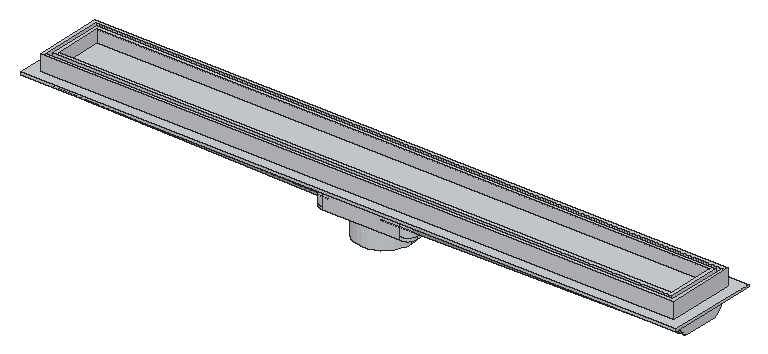
Revit family "Ralo Linear Invisivel - Caixas e Ralos - Esgoto - MEP - Tigre", category Plumbing Fixtures, host Face, Revit 2020
Family settings
  Host = Face
  Round Connector Dimension = Use Radius
  Part Type = Normal
  Cut with Voids When Loaded = Yes
  Shared = No
  Room Calculation Point = No
Parameters (values of type "RALO LINEAR INVISIVEL 50CM BRANCO")
  URL = "http://www.tigre.com.br"
  Tigre: Sistema = "Esgoto"  # constant formula
  Tigre: Norma = ""
  Tigre: Material = "PVC Branco"  # constant formula
  Tigre: Marcador = "00"
  Tigre: Link do Produto = "http://www.tigre.com.br/pt/produtos_unico.php?rcr_id=4&cpr_id=10&cpr_id_pai=4&lnh_id=11&prd_id=129"
  Tigre: Linha = "Caixas e Ralos"  # constant formula
  Tigre: Fabricante = "© Tigre S/A"  # constant formula
  Tigre: Descrição = "Ralo Linear Invisível 50cm, Esgoto - TIGRE"
  Tigre: Código com Separador = "100.01.889.6"
  Tigre: Código = 100018896
  Tigre: Comentários = ""
  Raio Nominal = Diâmetro Nominal / 2  # 20.00 mm
  Model = ""
  Manufacturer = Tigre: Fabricante  # "© Tigre S/A"
  Grelha [instance] = none
  Diâmetro Nominal = 40.00 mm
  Description = Tigre: Descrição  # "Ralo Linear Invisível 50cm, Esgoto - TIGRE"
  Default Elevation = 0.00 mm
  Cota L = 503.00 mm
  Caixas e Ralos [instance] = none
Types (3, lengths in mm): name | Tigre: Descrição | Tigre: Código com Separador | Tigre: Código | Description | Cota L
  RALO LINEAR INVISIVEL 50CM BRANCO | "Ralo Linear Invisível 50cm, Esgoto - TIGRE" | "100.01.889.6" | 100018896 | "Ralo Linear Invisível 50cm, Esgoto - TIGRE" | 503.00
  RALO LINEAR INVISIVEL 70CM BRANCO | "Ralo Linear Invisível 70cm, Esgoto - TIGRE" | "100.01.889.7" | 100018897 | "Ralo Linear Invisível 70cm, Esgoto - TIGRE" | 703.00
  RALO LINEAR INVISIVEL 90CM BRANCO | "Ralo Linear Invisível 90cm, Esgoto - TIGRE" | "100.01.889.8" | 100018898 | "Ralo Linear Invisível 90cm, Esgoto - TIGRE" | 903.00
Reference planes
  plane 1 "Center (Front/Back)": y = 0
  plane 2: z = 0
  plane 3 "Center (Left/Right)": x = 0
  plane 4: z = -100
  plane 5: z = 0
  plane 6: z = -35.987
  plane 7: z = 6.5
  plane 8: z = 0
  plane 9: z = -12.46
  plane 10: z = -29.088
  plane 11: z = -32.467
  plane 12: x = -254
  plane 13: x = -251.5
  plane 14: x = 254
  plane 15: x = 251.5
  plane 16: y = 27.5
  plane 17: y = 25
  plane 18: y = -27.5
  plane 19: y = -25
  plane 20: z = -52.008
  plane 21: x = -248.499
  plane 22: y = 22
  plane 23: y = -22
  plane 24: x = 248.5
  plane 25: x = -263
  plane 26: y = 36.5
  plane 27: y = -36.5
  plane 28: x = 263
Forms (mm)
  Blend 1, solid, material <- "Caixas e Ralos", detail levels fine
    base sketch origin (0, 0, 6.5) x (0, 1, 0) y (0, 0, 1)
      loop
        line (-27.5, -6.5) -> (-27.5, -25.8) -> (-21.081, -25.8) -> (-19.697, -30.626)
        arc (-19.697, -30.626) -> (-17.023, -34.516) -> (-12.546, -36.014) r 7.439
        line (-12.546, -36.014) -> (12.546, -36.014)
        arc (12.546, -36.014) -> (17.023, -34.516) -> (19.697, -30.626) r 7.439
        line (19.697, -30.626) -> (21.081, -25.8) -> (27.5, -25.8) -> (27.5, -6.5) -> (-27.5, -6.5)
    top sketch origin (0, 0, 6.5) x (0, 1, 0) y (0, 0, 1)
      loop
        line (-27.5, -6.5) -> (-27.5, -25.8) -> (-21.081, -25.8) -> (-18.42, -35.079)
        arc (-18.42, -35.079) -> (-15.746, -38.97) -> (-11.269, -40.467) r 7.439
        line (-11.269, -40.467) -> (11.269, -40.467)
        arc (11.269, -40.467) -> (15.746, -38.97) -> (18.42, -35.079) r 7.439
        line (18.42, -35.079) -> (21.081, -25.8) -> (27.5, -25.8) -> (27.5, -6.5) -> (-27.5, -6.5)
    from 251.5 to 0
  Blend 2, void
    base sketch origin (0, 0, 6.5) x (0, 1, 0) y (0, 0, 1)
      loop
        line (-25, -6.5) -> (-25, -23.3) -> (-19.197, -23.3) -> (-17.294, -29.937)
        arc (-17.294, -29.937) -> (-15.518, -32.52) -> (-12.546, -33.514) r 4.939
        line (-12.546, -33.514) -> (12.546, -33.514)
        arc (12.546, -33.514) -> (15.518, -32.52) -> (17.294, -29.937) r 4.939
        line (17.294, -29.937) -> (19.197, -23.3) -> (25, -23.3) -> (25, -6.5) -> (-25, -6.5)
    top sketch origin (0, 0, 6.5) x (0, 1, 0) y (0, 0, 1)
      loop
        line (-25, -6.5) -> (-25, -23.3) -> (-19.197, -23.3) -> (-16.017, -34.39)
        arc (-16.017, -34.39) -> (-14.241, -36.973) -> (-11.269, -37.967) r 4.939
        line (-11.269, -37.967) -> (11.269, -37.967)
        arc (11.269, -37.967) -> (14.241, -36.973) -> (16.017, -34.39) r 4.939
        line (16.017, -34.39) -> (19.197, -23.3) -> (25, -23.3) -> (25, -6.5) -> (-25, -6.5)
    from 251.5 to 0
  Extrusion 3, solid, material <- "Caixas e Ralos", detail levels fine
    sketch origin (0, 0, 6.5) x (0, 1, 0) y (0, 0, 1)
      loop
        line (-27.5, -6.5) -> (-27.5, -25.8) -> (-21.081, -25.8) -> (-19.697, -30.626)
        arc (-19.697, -30.626) -> (-17.023, -34.516) -> (-12.546, -36.014) r 7.439
        line (-12.546, -36.014) -> (12.546, -36.014)
        arc (12.546, -36.014) -> (17.023, -34.516) -> (19.697, -30.626) r 7.439
        line (19.697, -30.626) -> (21.081, -25.8) -> (27.5, -25.8) -> (27.5, -6.5) -> (-27.5, -6.5)
    from 251.5 to 254
  Blend 4, solid, material <- "Caixas e Ralos", detail levels fine
    base sketch origin (0, 0, 6.5) x (0, 1, 0) y (0, 0, -1)
      loop
        line (-27.5, 6.5) -> (27.5, 6.5) -> (27.5, 25.8) -> (21.081, 25.8) -> (19.697, 30.626)
        arc (19.697, 30.626) -> (17.023, 34.516) -> (12.546, 36.014) r 7.439
        line (12.546, 36.014) -> (-12.546, 36.014)
        arc (-12.546, 36.014) -> (-17.023, 34.516) -> (-19.697, 30.626) r 7.439
        line (-19.697, 30.626) -> (-21.081, 25.8) -> (-27.5, 25.8) -> (-27.5, 6.5)
    top sketch origin (0, 0, 6.5) x (0, 1, 0) y (0, 0, -1)
      loop
        line (-27.5, 6.5) -> (27.5, 6.5) -> (27.5, 25.8) -> (21.081, 25.8) -> (18.42, 35.079)
        arc (18.42, 35.079) -> (15.746, 38.97) -> (11.269, 40.467) r 7.439
        line (11.269, 40.467) -> (-11.269, 40.467)
        arc (-11.269, 40.467) -> (-15.746, 38.97) -> (-18.42, 35.079) r 7.439
        line (-18.42, 35.079) -> (-21.081, 25.8) -> (-27.5, 25.8) -> (-27.5, 6.5)
    from 251.5 to 0
  Blend 5, void
    base sketch origin (0, 0, 6.5) x (0, 1, 0) y (0, 0, -1)
      loop
        line (-25, 6.5) -> (25, 6.5) -> (25, 23.3) -> (19.197, 23.3) -> (17.294, 29.937)
        arc (17.294, 29.937) -> (15.518, 32.52) -> (12.546, 33.514) r 4.939
        line (12.546, 33.514) -> (-12.546, 33.514)
        arc (-12.546, 33.514) -> (-15.518, 32.52) -> (-17.294, 29.937) r 4.939
        line (-17.294, 29.937) -> (-19.197, 23.3) -> (-25, 23.3) -> (-25, 6.5)
    top sketch origin (0, 0, 6.5) x (0, 1, 0) y (0, 0, -1)
      loop
        line (-25, 6.5) -> (25, 6.5) -> (25, 23.3) -> (19.197, 23.3) -> (16.017, 34.39)
        arc (16.017, 34.39) -> (14.241, 36.973) -> (11.269, 37.967) r 4.939
        line (11.269, 37.967) -> (-11.269, 37.967)
        arc (-11.269, 37.967) -> (-14.241, 36.973) -> (-16.017, 34.39) r 4.939
        line (-16.017, 34.39) -> (-19.197, 23.3) -> (-25, 23.3) -> (-25, 6.5)
    from 251.5 to 0
  Extrusion 6, solid, material <- "Caixas e Ralos", detail levels fine
    sketch origin (0, 0, 6.5) x (0, 1, 0) y (0, 0, -1)
      loop
        line (-27.5, 6.5) -> (27.5, 6.5) -> (27.5, 25.8) -> (21.081, 25.8) -> (19.697, 30.626)
        arc (19.697, 30.626) -> (17.023, 34.516) -> (12.546, 36.014) r 7.439
        line (12.546, 36.014) -> (-12.546, 36.014)
        arc (-12.546, 36.014) -> (-17.023, 34.516) -> (-19.697, 30.626) r 7.439
        line (-19.697, 30.626) -> (-21.081, 25.8) -> (-27.5, 25.8) -> (-27.5, 6.5)
    from 251.5 to 254
  Extrusion 7, solid, material <- "Caixas e Ralos", detail levels fine
    sketch origin (-193.051, -4572, -2.502) x (-1, 0, 0) y (0, -1, 0)
      loop
        line (-154.333, -4587.145) -> (-154.333, -4556.855)
        arc (-154.333, -4556.855) -> (-156.676, -4551.199) -> (-162.333, -4548.855) r 8
        line (-162.333, -4548.855) -> (-223.768, -4548.855)
        arc (-223.768, -4548.855) -> (-229.425, -4551.199) -> (-231.768, -4556.855) r 8
        line (-231.768, -4556.855) -> (-231.768, -4587.145)
        arc (-231.768, -4587.145) -> (-229.425, -4592.801) -> (-223.768, -4595.145) r 8
        line (-223.768, -4595.145) -> (-162.333, -4595.145)
        arc (-162.333, -4595.145) -> (-156.676, -4592.801) -> (-154.333, -4587.145) r 8
      loop
        line (-156.833, -4587.145) -> (-156.833, -4556.855)
        arc (-156.833, -4556.855) -> (-158.444, -4552.966) -> (-162.333, -4551.355) r 5.5
        line (-162.333, -4551.355) -> (-223.768, -4551.355)
        arc (-223.768, -4551.355) -> (-227.657, -4552.966) -> (-229.268, -4556.855) r 5.5
        line (-229.268, -4556.855) -> (-229.268, -4587.145)
        arc (-229.268, -4587.145) -> (-227.657, -4591.034) -> (-223.768, -4592.645) r 5.5
        line (-223.768, -4592.645) -> (-162.333, -4592.645)
        arc (-162.333, -4592.645) -> (-158.444, -4591.034) -> (-156.833, -4587.145) r 5.5
    from -30.98 to -14.298
  Extrusion 8, solid, material <- "Caixas e Ralos", detail levels fine
    sketch origin (-193.051, -4572, -2.502) x (-1, 0, 0) y (0, -1, 0)
      loop
        line (-154.333, -4587.145) -> (-154.333, -4556.855)
        arc (-154.333, -4556.855) -> (-156.676, -4551.199) -> (-162.333, -4548.855) r 8
        line (-162.333, -4548.855) -> (-223.768, -4548.855)
        arc (-223.768, -4548.855) -> (-229.425, -4551.199) -> (-231.768, -4556.855) r 8
        line (-231.768, -4556.855) -> (-231.768, -4587.145)
        arc (-231.768, -4587.145) -> (-229.425, -4592.801) -> (-223.768, -4595.145) r 8
        line (-223.768, -4595.145) -> (-162.333, -4595.145)
        arc (-162.333, -4595.145) -> (-156.676, -4592.801) -> (-154.333, -4587.145) r 8
      loop
        circle (-193.051, -4572) r 20
    from -33.484 to -30.98
  Extrusion 9, solid, material <- "Caixas e Ralos", detail levels fine
    sketch origin (-193.051, -4572, -2.502) x (-1, 0, 0) y (0, -1, 0)
      loop
        circle (-193.051, -4572) r 20
      loop
        circle (-193.051, -4572) r 22
    from -49.506 to -33.484
  Extrusion 10, void
    sketch origin (-193.051, -4572, -2.502) x (-1, 0, 0) y (0, -1, 0)
      loop
        circle (-193.051, -4572) r 19
    from -33.484 to -16.798
  Sweep 11, solid, material <- "Caixas e Ralos", detail levels fine
    path origin (-193.051, -4572, -2.502) x (-1, 0, 0) y (0, -1, 0)
      loop
        line (55.449, -4594) -> (55.449, -4550) -> (-441.551, -4550) -> (-441.551, -4594) -> (55.449, -4594)
    profile origin (-248.499, 0, -2.502) x (1, 0, 0) y (0, 0, 1)
      loop
        line (0, 2.502) -> (0, -9.958) -> (2.5, -9.958) -> (2.5, 2.502) -> (0, 2.502)
  Extrusion 12, solid, material <- "Caixas e Ralos", detail levels fine
    sketch origin (-193.051, -4572, -2.502) x (-1, 0, 0) y (0, -1, 0)
      loop
        line (52.949, -4591.5) -> (52.949, -4552.5) -> (-439.051, -4552.5) -> (-439.051, -4591.5) -> (52.949, -4591.5)
    from -9.958 to -7.46
  Extrusion 13, solid, material <- "Caixas e Ralos", detail levels fine
    sketch origin (-193.051, -4572, -2.502) x (-1, 0, 0) y (0, -1, 0)
      loop
        line (69.949, -4608.5) -> (69.949, -4535.5) -> (-456.051, -4535.5) -> (-456.051, -4608.5) -> (69.949, -4608.5)
      loop
        line (-447.051, -4599.5) -> (60.949, -4599.5) -> (60.949, -4544.5) -> (-447.051, -4544.5) -> (-447.051, -4599.5)
    from -12 to -9.958
  Extrusion 14, void
    sketch origin (-193.051, -4572, -9.002) x (-1, 0, 0) y (0, -1, 0)
      loop
        line (60.949, -4599.5) -> (60.949, -4544.5) -> (-447.051, -4544.5) -> (-447.051, -4599.5) -> (60.949, -4599.5)
    from -3.458 to 9.002
Cuts and joins
  Blend 2, Blend 5, Extrusion 10 cuts Blend 1
  Blend 5, Extrusion 10 cuts Extrusion 3
  Blend 5, Extrusion 10 cuts Blend 4
  Blend 5 cuts Extrusion 6
  joined: Blend 1, Extrusion 3, Blend 4, Extrusion 6
  joined: Sweep 11, Extrusion 12
  Blend 2, Blend 5, Extrusion 10 cuts Extrusion 7
  joined: Extrusion 7, Extrusion 8
Lines and regions (mm)
  model lines, style "Caixas e Ralos - TIGRE", detail levels coarse+medium
    curve 1: line (-254, 27.5, -12.46) -> (-254, -27.5, -12.46)
    curve 2: line (254, 27.5, -12.46) -> (-254, 27.5, -12.46)
    curve 3: line (254, -27.5, -12.46) -> (-254, -27.5, -12.46)
    curve 4: line (254, 27.5, -12.46) -> (254, -27.5, -12.46)
    curve 5: line (-248.499, 22, -12.46) -> (-248.499, -22, -12.46)
    curve 6: line (248.5, 22, -12.46) -> (-248.499, 22, -12.46)
    curve 7: line (248.5, -22, -12.46) -> (-248.499, -22, -12.46)
    curve 8: line (248.5, 22, -12.46) -> (248.5, -22, -12.46)
    curve 9: circle (0, 0, -12.46) r 20 normal (0, 0, 1)
Dimensions and locks
  equal spacing: plane 19, plane 1 "Center (Front/Back)", plane 17
  plane 19 to plane 17 = 50.00 mm
  locked: plane 17 to plane 16 at 2.5
  locked: plane 19 to plane 18 at 2.5
  equal spacing: plane 13, plane 3 "Center (Left/Right)", plane 15
  "Cota L": plane 13 to plane 15
  locked: plane 12 to plane 13 at 2.5
  locked: plane 15 to plane 14 at 2.5
  locked: plane 13 to plane 21 at 3.001
  locked: plane 24 to plane 15 at 3
  locked: plane 22 to plane 17 at 3
  locked: plane 23 to plane 19 at 3
  locked: plane 25 to plane 12 at 9
  locked: plane 14 to plane 28 at 9
  locked: plane 16 to plane 26 at 9
  locked: plane 18 to plane 27 at 9
  aligned and locked: plane 2 to host face
  aligned and locked: level to host face
  aligned and locked: Blend 1 sketch curve to plane 5
  aligned and locked: Blend 1 sketch curve to plane 16
  aligned and locked: Blend 1 sketch curve to plane 18
  aligned and locked: Blend 1 to plane 15
  aligned and locked: Blend 1 to plane 3 "Center (Left/Right)"
  aligned and locked: Blend 2 sketch curve to plane 5
  aligned and locked: plane 5 to Blend 2 sketch curve
  aligned and locked: plane 8 to Extrusion 3 sketch curve
  aligned and locked: Extrusion 3 to plane 14
  aligned and locked: plane 15 to Extrusion 3
  aligned and locked: cut or joined group of Blend 1, Blend 2, Extrusion 3, Blend 4, Blend 5, Extrusion 6, Extrusion 10 to plane 12
  aligned and locked: plane 13 to cut or joined group of Blend 1, Blend 2, Extrusion 3, Blend 4, Blend 5, Extrusion 6, Extrusion 10
  aligned and locked: plane 6 to Extrusion 8
  aligned and locked: Extrusion 7 to Extrusion 8
  aligned and locked: Extrusion 9 to plane 6
  aligned and locked: plane 20 to Extrusion 9
  aligned and locked: plane 6 to Extrusion 10
  aligned and locked: Sweep 11 sketch curve to plane 23
  aligned and locked: Sweep 11 sketch curve to plane 24
  aligned and locked: Sweep 11 sketch curve to plane 22
  aligned and locked: Sweep 11 sketch curve to plane 21
  aligned and locked: profile plane to Sweep 11 sketch curve
  aligned and locked: plane 9 to Sweep 11 sketch curve
  aligned and locked: Extrusion 12 sketch curve to Sweep 11  (x4)
  aligned and locked: plane 9 to Extrusion 12
  aligned and locked: Blend 5 to plane 13
  aligned and locked: Blend 4 to plane 13
  aligned and locked: Blend 2 to plane 15
  aligned and locked: plane 27 to Extrusion 13 sketch curve
  aligned and locked: plane 26 to Extrusion 13 sketch curve
  aligned and locked: plane 25 to Extrusion 13 sketch curve
  aligned and locked: plane 28 to Extrusion 13 sketch curve
  aligned and locked: Extrusion 13 sketch curve to plane 12
  aligned and locked: Extrusion 13 sketch curve to plane 18
  aligned and locked: Extrusion 13 sketch curve to plane 16
  aligned and locked: Extrusion 13 sketch curve to plane 14
  aligned and locked: Extrusion 13 to plane 9
  aligned and locked: curve 2 to plane 16
  aligned and locked: plane 18 to curve 3
  aligned and locked: plane 14 to curve 4
  aligned and locked: curve 1 to plane 12
  aligned and locked: curve 5 to plane 21
  aligned and locked: curve 6 to plane 22
  aligned and locked: plane 23 to curve 7
  aligned and locked: plane 24 to curve 8
  aligned and locked: plane 16 to Extrusion 14 sketch curve
  aligned and locked: plane 18 to Extrusion 14 sketch curve
  aligned and locked: Extrusion 14 to cut or joined group of Blend 1, Blend 2, Extrusion 3, Blend 4, Blend 5, Extrusion 6, Extrusion 10  (x2)
Automatic sketch dimensions
  host sketch curve to host sketch curve = 309.308 mm
  host sketch curve to host sketch curve = 124.77 mm
  plane 19 to Blend 1 sketch curve = 3.919 mm  (x2)
  Blend 1 sketch curve to Blend 1 sketch curve = 1.384 mm
  Blend 1 sketch curve to Blend 1 sketch curve = 7.151 mm  (x3)
  plane 10 to Blend 1 sketch curve = 0.427 mm
  plane 17 to Blend 1 sketch curve = 12.454 mm
  plane 17 to Blend 1 sketch curve = 5.303 mm
  plane 17 to Blend 1 sketch curve = 3.919 mm  (x2)
  Blend 1 sketch curve to plane 10 = 4.962 mm  (x2)
  Blend 1 sketch curve to Blend 1 sketch curve = 4.826 mm
  plane 9 to Blend 1 sketch curve = 6.84 mm  (x3)
  Blend 1 sketch curve to plane 18 = 0.00 mm
  Blend 1 sketch curve to plane 16 = 0.00 mm
  Blend 1 sketch curve to plane 5 = 0.00 mm
  Blend 1 sketch curve to plane 10 = 0.509 mm  (x2)
  plane 19 to Blend 1 sketch curve = 6.58 mm
  Blend 1 sketch curve to plane 10 = 2.559 mm
  Blend 1 sketch curve to plane 1 "Center (Front/Back)" = 11.269 mm
  Blend 2 sketch curve to plane 19 = 0.00 mm  (x2)
  Blend 2 sketch curve to plane 17 = 0.00 mm  (x2)
  plane 19 to Blend 2 sketch curve = 5.803 mm  (x2)
  Blend 2 sketch curve to Blend 2 sketch curve = 1.903 mm
  Blend 2 sketch curve to plane 10 = 2.073 mm
  Blend 2 sketch curve to Blend 2 sketch curve = 4.748 mm  (x4)
  plane 17 to Blend 2 sketch curve = 12.454 mm
  Blend 2 sketch curve to plane 10 = 5.651 mm  (x2)
  plane 17 to Blend 2 sketch curve = 5.803 mm  (x2)
  plane 9 to Blend 2 sketch curve = 4.34 mm  (x4)
  Blend 2 sketch curve to plane 10 = 1.198 mm  (x2)
  plane 19 to Blend 2 sketch curve = 8.983 mm
  Blend 2 sketch curve to plane 10 = 2.559 mm
  Blend 2 sketch curve to plane 1 "Center (Front/Back)" = 11.269 mm
  plane 19 to Extrusion 3 sketch curve = 3.919 mm
  Extrusion 3 sketch curve to Extrusion 3 sketch curve = 1.384 mm
  Extrusion 3 sketch curve to Extrusion 3 sketch curve = 7.151 mm
  plane 17 to Extrusion 3 sketch curve = 12.454 mm
  plane 17 to Extrusion 3 sketch curve = 5.303 mm
  plane 17 to Extrusion 3 sketch curve = 3.919 mm
  Extrusion 3 sketch curve to plane 10 = 4.962 mm  (x2)
  Extrusion 3 sketch curve to Extrusion 3 sketch curve = 4.826 mm
  plane 9 to Extrusion 3 sketch curve = 6.84 mm
  Blend 4 sketch curve to plane 18 = 0.00 mm  (x2)
  Blend 4 sketch curve to plane 16 = 0.00 mm  (x2)
  Blend 4 sketch curve to plane 5 = 0.00 mm  (x2)
  plane 19 to Blend 4 sketch curve = 3.919 mm  (x2)
  Blend 4 sketch curve to Blend 4 sketch curve = 1.384 mm
  Blend 4 sketch curve to Blend 4 sketch curve = 7.151 mm  (x3)
  plane 10 to Blend 4 sketch curve = 0.427 mm
  plane 17 to Blend 4 sketch curve = 12.454 mm
  plane 17 to Blend 4 sketch curve = 5.303 mm
  plane 17 to Blend 4 sketch curve = 3.919 mm  (x2)
  plane 9 to Blend 4 sketch curve = 6.84 mm  (x4)
  Blend 4 sketch curve to Blend 4 sketch curve = 7.439 mm  (x2)
  Blend 4 sketch curve to plane 10 = 0.509 mm  (x2)
  plane 19 to Blend 4 sketch curve = 6.58 mm
  Blend 4 sketch curve to plane 10 = 2.559 mm
  Blend 4 sketch curve to plane 1 "Center (Front/Back)" = 11.269 mm
  Blend 5 sketch curve to plane 5 = 0.00 mm  (x2)
  Blend 5 sketch curve to plane 19 = 0.00 mm  (x2)
  Blend 5 sketch curve to plane 17 = 0.00 mm  (x2)
  plane 19 to Blend 5 sketch curve = 5.803 mm  (x2)
  Blend 5 sketch curve to Blend 5 sketch curve = 1.903 mm
  Blend 5 sketch curve to plane 10 = 2.073 mm
  Blend 5 sketch curve to Blend 5 sketch curve = 4.748 mm  (x4)
  plane 17 to Blend 5 sketch curve = 12.454 mm
  Blend 5 sketch curve to plane 10 = 5.651 mm
  plane 17 to Blend 5 sketch curve = 5.803 mm  (x2)
  plane 9 to Blend 5 sketch curve = 4.34 mm  (x4)
  Blend 5 sketch curve to Blend 5 sketch curve = 4.939 mm
  Blend 5 sketch curve to plane 10 = 1.198 mm  (x2)
  plane 19 to Blend 5 sketch curve = 8.983 mm
  Blend 5 sketch curve to plane 10 = 2.559 mm
  Blend 5 sketch curve to plane 1 "Center (Front/Back)" = 11.269 mm
  Extrusion 6 sketch curve to plane 5 = 0.00 mm
  Extrusion 6 sketch curve to plane 18 = 0.00 mm
  Extrusion 6 sketch curve to plane 16 = 0.00 mm
  plane 19 to Extrusion 6 sketch curve = 3.919 mm
  Extrusion 6 sketch curve to Extrusion 6 sketch curve = 1.384 mm
  plane 10 to Extrusion 6 sketch curve = 0.427 mm
  Extrusion 6 sketch curve to Extrusion 6 sketch curve = 7.151 mm
  plane 17 to Extrusion 6 sketch curve = 12.454 mm
  plane 17 to Extrusion 6 sketch curve = 5.303 mm
  plane 17 to Extrusion 6 sketch curve = 3.919 mm
  plane 9 to Extrusion 6 sketch curve = 6.84 mm  (x2)
  Extrusion 6 sketch curve to Extrusion 6 sketch curve = 7.439 mm  (x2)
  Extrusion 3 sketch curve to plane 18 = 0.00 mm
  Extrusion 3 sketch curve to plane 16 = 0.00 mm
  plane 10 to Extrusion 3 sketch curve = 0.427 mm
  plane 17 to Extrusion 7 sketch curve = 9.855 mm
  plane 3 "Center (Left/Right)" to Extrusion 7 sketch curve = 38.718 mm
  Extrusion 7 sketch curve to Extrusion 7 sketch curve = 8.00 mm  (x2)
  plane 17 to Extrusion 7 sketch curve = 1.855 mm
  Extrusion 7 sketch curve to plane 3 "Center (Left/Right)" = 30.718 mm  (x2)
  plane 19 to Extrusion 7 sketch curve = 1.855 mm
  Extrusion 7 sketch curve to Extrusion 7 sketch curve = 0.00 mm  (x7)
  Extrusion 7 sketch curve to Extrusion 7 sketch curve = 2.50 mm
  plane 1 "Center (Front/Back)" to Extrusion 8 sketch curve = 0.00 mm
  Extrusion 8 sketch curve to plane 3 "Center (Left/Right)" = 0.00 mm
  plane 19 to Extrusion 8 sketch curve = 9.855 mm  (x2)
  Extrusion 8 sketch curve to plane 3 "Center (Left/Right)" = 30.718 mm
  plane 3 "Center (Left/Right)" to Extrusion 8 sketch curve = 30.718 mm
  Extrusion 8 sketch curve to Extrusion 8 sketch curve = 0.00 mm
  Extrusion 8 sketch curve to Extrusion 8 sketch curve = 8.00 mm  (x2)
  plane 17 to Extrusion 8 sketch curve = 1.855 mm
  Extrusion 9 sketch curve to Extrusion 9 sketch curve = 0.00 mm  (x2)
  plane 1 "Center (Front/Back)" to Extrusion 9 sketch curve = 0.00 mm
  Extrusion 9 sketch curve to plane 3 "Center (Left/Right)" = 0.00 mm
  plane 1 "Center (Front/Back)" to Extrusion 10 sketch curve = 0.00 mm
  Extrusion 10 sketch curve to plane 3 "Center (Left/Right)" = 0.00 mm
  profile plane to Sweep 11 sketch curve = 2.502 mm
  Sweep 11 sketch curve to profile plane = 2.50 mm
  plane 1 "Center (Front/Back)" to curve 9 = 0.00 mm
  curve 9 to plane 3 "Center (Left/Right)" = 0.00 mm
  Extrusion 14 sketch curve to plane 24 = 5.50 mm
  Extrusion 14 sketch curve to plane 21 = 5.501 mm
  radius of Extrusion 8 sketch curve = 20.00 mm
  radius of Extrusion 9 sketch curve = 20.00 mm
  radius of Extrusion 9 sketch curve = 22.00 mm
  radius of Extrusion 10 sketch curve = 19.00 mm
  radius of curve 9 = 20.00 mm
Connectors
  piping at (0, 0, -35.987), diameter 40, driven by "Raio Nominal"
    settings: on cut or joined group of Blend 2, Blend 5, Extrusion 7, Extrusion 8, Extrusion 10, index 1, connector inside diameter 609.60 mm, connector length 0.00 mm, flow factor 0, pipe flow 0 GPM, pressure drop 0.00 psi, fitting loss kfactor 0, connector angle 0.00°, fixture units 0, engagement length 0.00 mm, angle of deflection 0.00°, flow configuration 0, flow direction 0, fitting loss method 0, system type 28, joint type 0, gender type 0, connector reference index -1, connector utility 0, adjustable connector no, is connector primary yes, connector description ""
